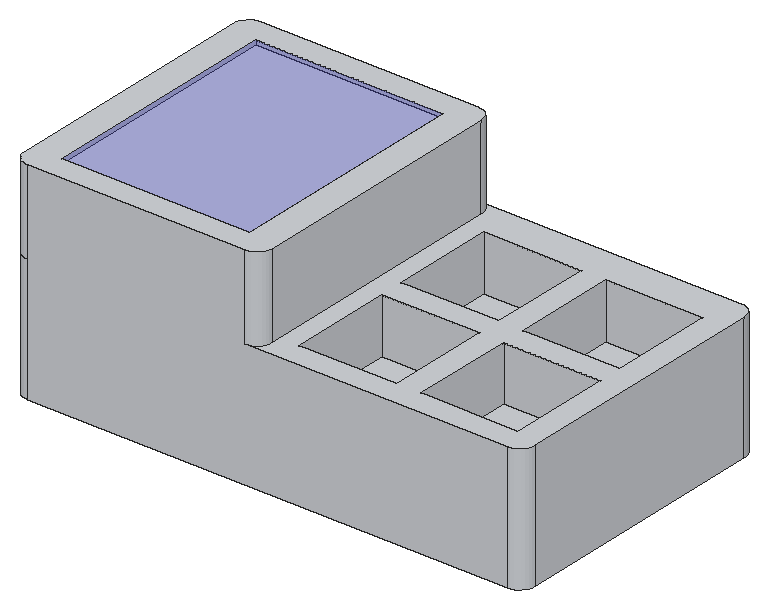
Revit family "Domotics-SerieCivili-GEWISS-27COMBIDIN_SYSTEM-IP40_4M_8SY", category Apparecchi elettrici, host Superficie, Revit 2016 (continued)
Automatic sketch dimensions
  Filled region 9 sketch curve to Filled region 9 sketch curve = 1.667 mm
  plane 19 to Filled region 10 sketch curve = 2.561 mm
  Filled region 10 sketch curve to plane 10 = 151.518 mm
  plane 19 to Filled region 10 sketch curve = 3.394 mm
  Filled region 10 sketch curve to Filled region 10 sketch curve = 5 mm
  Filled region 10 sketch curve to Filled region 10 sketch curve = 1.667 mm
  plane 29 to Filled region 11 sketch curve = 0.893 mm
  Filled region 11 sketch curve to plane 29 = 4.107 mm
  Filled region 11 sketch curve to plane 11 = 65.592 mm
  Filled region 11 sketch curve to Filled region 11 sketch curve = 0.833 mm
  Filled region 11 sketch curve to Filled region 11 sketch curve = 1.667 mm
  Filled region 12 sketch curve to plane 24 = 6.065 mm
  Filled region 12 sketch curve to Filled region 12 sketch curve = 5 mm
  Filled region 12 sketch curve to plane 11 = 65.592 mm
  Filled region 12 sketch curve to Filled region 12 sketch curve = 0.833 mm
  Filled region 12 sketch curve to Filled region 12 sketch curve = 1.667 mm
  Filled region 13 sketch curve to plane 24 = 6.065 mm
  Filled region 13 sketch curve to Filled region 13 sketch curve = 5 mm
  Filled region 13 sketch curve to plane 11 = 49.035 mm
  Filled region 13 sketch curve to Filled region 13 sketch curve = 0.833 mm
  Filled region 13 sketch curve to Filled region 13 sketch curve = 1.667 mm
  Filled region 14 sketch curve to plane 27 = 12.935 mm
  Filled region 14 sketch curve to Filled region 14 sketch curve = 5 mm
  Filled region 14 sketch curve to plane 11 = 49.035 mm
  Filled region 14 sketch curve to Filled region 14 sketch curve = 0.833 mm
  Filled region 14 sketch curve to Filled region 14 sketch curve = 1.667 mm
  Filled region 15 sketch curve to plane 27 = 7.935 mm
  Filled region 15 sketch curve to plane 27 = 2.935 mm
  Filled region 15 sketch curve to plane 11 = 49.035 mm
  Filled region 15 sketch curve to Filled region 15 sketch curve = 0.833 mm
  Filled region 15 sketch curve to Filled region 15 sketch curve = 1.667 mm
  plane 29 to Filled region 16 sketch curve = 0.893 mm
  Filled region 16 sketch curve to plane 29 = 4.107 mm
  Filled region 16 sketch curve to plane 11 = 49.035 mm
  Filled region 16 sketch curve to Filled region 16 sketch curve = 0.833 mm
  Filled region 16 sketch curve to Filled region 16 sketch curve = 1.667 mm
  Filled region 17 sketch curve to plane 12 = 1.781 mm
  plane 29 to Filled region 17 sketch curve = 19.789 mm
  Filled region 17 sketch curve to plane 12 = 2.615 mm
  Filled region 17 sketch curve to Filled region 17 sketch curve = 5 mm
  Filled region 17 sketch curve to Filled region 17 sketch curve = 1.667 mm
  Filled region 18 sketch curve to plane 12 = 2.615 mm
  Filled region 18 sketch curve to plane 24 = 6.569 mm
  Filled region 18 sketch curve to plane 12 = 1.781 mm
  Filled region 18 sketch curve to Filled region 18 sketch curve = 5 mm
  Filled region 18 sketch curve to Filled region 18 sketch curve = 1.667 mm
  plane 19 to Filled region 19 sketch curve = 7.291 mm
  plane 29 to Filled region 19 sketch curve = 19.789 mm
  Filled region 19 sketch curve to Filled region 19 sketch curve = 5 mm
  Filled region 19 sketch curve to Filled region 19 sketch curve = 0.833 mm
  Filled region 19 sketch curve to Filled region 19 sketch curve = 1.667 mm
  Filled region 20 sketch curve to plane 27 = 13.231 mm
  Filled region 20 sketch curve to Filled region 20 sketch curve = 5 mm
  plane 19 to Filled region 20 sketch curve = 7.291 mm
  Filled region 20 sketch curve to Filled region 20 sketch curve = 0.833 mm
  Filled region 20 sketch curve to Filled region 20 sketch curve = 1.667 mm
  plane 29 to Filled region 21 sketch curve = 14.789 mm
  Filled region 21 sketch curve to Filled region 21 sketch curve = 5 mm
  plane 19 to Filled region 21 sketch curve = 7.471 mm
  Filled region 21 sketch curve to Filled region 21 sketch curve = 0.833 mm
  Filled region 21 sketch curve to Filled region 21 sketch curve = 1.667 mm
  plane 29 to Filled region 22 sketch curve = 2.189 mm
  Filled region 22 sketch curve to plane 29 = 2.811 mm
  plane 19 to Filled region 22 sketch curve = 7.471 mm
  Filled region 22 sketch curve to Filled region 22 sketch curve = 0.833 mm
  Filled region 22 sketch curve to Filled region 22 sketch curve = 1.667 mm
  Filled region 23 sketch curve to plane 11 = 42.054 mm
  Filled region 23 sketch curve to plane 10 = 147.33 mm
  Filled region 23 sketch curve to plane 11 = 42.888 mm
  Filled region 23 sketch curve to Filled region 23 sketch curve = 5 mm
  Filled region 23 sketch curve to Filled region 23 sketch curve = 1.667 mm
  Filled region 24 sketch curve to plane 11 = 42.888 mm
  Filled region 24 sketch curve to plane 10 = 106.33 mm
  Filled region 24 sketch curve to plane 11 = 42.054 mm
  Filled region 24 sketch curve to Filled region 24 sketch curve = 5 mm
  Filled region 24 sketch curve to Filled region 24 sketch curve = 1.667 mm
  Extrusion 1 sketch curve to plane 14 = 6.487 mm  (x2)
  Extrusion 1 sketch curve to plane 20 = 4.02 mm
  Extrusion 1 sketch curve to plane 18 = 4.058 mm
  Filled region 25 sketch curve to level = 0 mm
  level to Filled region 25 sketch curve = 5 mm
  plane 12 to Filled region 25 sketch curve = 34.193 mm
  Filled region 25 sketch curve to Filled region 25 sketch curve = 0.833 mm
  Filled region 25 sketch curve to Filled region 25 sketch curve = 1.667 mm
  Filled region 26 sketch curve to plane 4 "Piano Allineamento Sportellino" = 0 mm
  Filled region 26 sketch curve to plane 9 = 3 mm
  plane 12 to Filled region 26 sketch curve = 34.193 mm
  Filled region 26 sketch curve to Filled region 26 sketch curve = 0.833 mm
  Filled region 26 sketch curve to Filled region 26 sketch curve = 1.667 mm
  Filled region 27 sketch curve to plane 4 "Piano Allineamento Sportellino" = 0 mm
  Filled region 27 sketch curve to plane 9 = 3 mm
  plane 12 to Filled region 27 sketch curve = 17.636 mm
  Filled region 27 sketch curve to Filled region 27 sketch curve = 0.833 mm
  Filled region 27 sketch curve to Filled region 27 sketch curve = 1.667 mm
  Filled region 28 sketch curve to plane 8 = 0 mm
  plane 12 to Filled region 28 sketch curve = 17.636 mm
  Filled region 28 sketch curve to plane 8 = 5 mm
  Filled region 28 sketch curve to Filled region 28 sketch curve = 0.833 mm
  Filled region 28 sketch curve to Filled region 28 sketch curve = 1.667 mm
  plane 6 to Filled region 29 sketch curve = 2.934 mm
  plane 12 to Filled region 29 sketch curve = 17.636 mm
  Filled region 29 sketch curve to plane 8 = 5 mm
  Filled region 29 sketch curve to Filled region 29 sketch curve = 0.833 mm
  Filled region 29 sketch curve to Filled region 29 sketch curve = 1.667 mm
  Filled region 30 sketch curve to level = 0 mm
  level to Filled region 30 sketch curve = 5 mm
  plane 12 to Filled region 30 sketch curve = 17.636 mm
  Filled region 30 sketch curve to Filled region 30 sketch curve = 0.833 mm
  Filled region 30 sketch curve to Filled region 30 sketch curve = 1.667 mm
  Filled region 31 sketch curve to plane 7 = 8.17 mm
  Filled region 31 sketch curve to plane 11 = 29.618 mm
  Filled region 31 sketch curve to plane 7 = 13.17 mm
  Filled region 31 sketch curve to Filled region 31 sketch curve = 0.833 mm
  Filled region 31 sketch curve to Filled region 31 sketch curve = 1.667 mm
  Filled region 32 sketch curve to plane 9 = 3.504 mm
  Filled region 32 sketch curve to plane 11 = 29.618 mm
  Filled region 32 sketch curve to plane 4 "Piano Allineamento Sportellino" = 0.504 mm
  Filled region 32 sketch curve to Filled region 32 sketch curve = 0.833 mm
  Filled region 32 sketch curve to Filled region 32 sketch curve = 1.667 mm
  Filled region 33 sketch curve to plane 11 = 12.088 mm
  Filled region 33 sketch curve to Filled region 33 sketch curve = 0.833 mm
  Filled region 33 sketch curve to Filled region 33 sketch curve = 1.667 mm
  Filled region 33 sketch curve to plane 7 = 13.17 mm
  Filled region 33 sketch curve to Filled region 33 sketch curve = 5 mm
  Filled region 34 sketch curve to plane 8 = 4.704 mm
  Filled region 34 sketch curve to plane 11 = 12.088 mm
  plane 8 to Filled region 34 sketch curve = 0.296 mm
  Filled region 34 sketch curve to Filled region 34 sketch curve = 0.833 mm
  Filled region 34 sketch curve to Filled region 34 sketch curve = 1.667 mm
  plane 6 to Filled region 35 sketch curve = 1.83 mm
  Filled region 35 sketch curve to plane 11 = 11.908 mm
  Filled region 35 sketch curve to plane 11 = 11.074 mm
  Filled region 35 sketch curve to Filled region 35 sketch curve = 1.667 mm
  Filled region 35 sketch curve to plane 7 = 13.17 mm
  Filled region 36 sketch curve to plane 6 = 5.77 mm
  Filled region 36 sketch curve to plane 11 = 11.908 mm
  level to Filled region 36 sketch curve = 1.296 mm
  Filled region 36 sketch curve to plane 11 = 11.074 mm
  Filled region 36 sketch curve to Filled region 36 sketch curve = 1.667 mm
  Extrusion 2 sketch curve to plane 14 = 6.487 mm  (x2)
  Extrusion 2 sketch curve to plane 29 = 4 mm  (x2)
  Extrusion 3 sketch curve to plane 24 = 0 mm
  plane 20 to Extrusion 3 sketch curve = 0 mm
  Extrusion 3 sketch curve to plane 27 = 0 mm
  Extrusion 3 sketch curve to plane 26 = 0 mm
  plane 18 to Extrusion 6 sketch curve = 0 mm
  Extrusion 7 sketch curve to plane 26 = 0 mm
  Extrusion 7 sketch curve to plane 28 = 0 mm
  Extrusion 7 sketch curve to plane 29 = 0 mm
  plane 20 to Extrusion 7 sketch curve = 0 mm
  plane 18 to Extrusion 8 sketch curve = 5.381 mm
  Extrusion 8 sketch curve to plane 28 = 0 mm
  Extrusion 8 sketch curve to plane 25 = 0 mm
  Extrusion 8 sketch curve to plane 29 = 0 mm
  Extrusion 9 sketch curve to plane 24 = 0 mm
  Extrusion 9 sketch curve to plane 25 = 0 mm
  Extrusion 9 sketch curve to plane 27 = 0 mm
  plane 23 to Extrusion 9 sketch curve = 4.381 mm
Types (2, lengths in mm): name | URL | Produttore | Modello | Descrizione
  (no name) | 0 | 0 | 0 | 0
  GW27072 - Contenitore 4 mod. DIN + (2x4) mod. System | "https://www.gewiss.com/it/it" | "GEWISS S.p.A." | "GW27072" | "CONTENITORE 4MOD.DIN+(2X4)MOD.SYSTEM PR."
